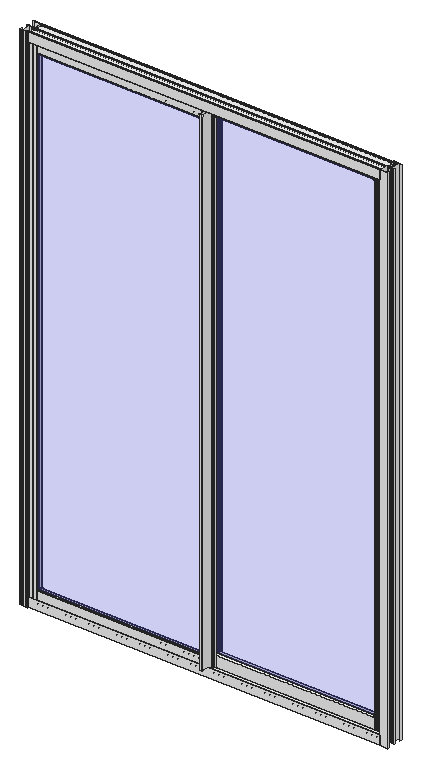
Revit family "700_XO_Custom", category Doors, host Wall, Revit 2014
Parameters (values of type "XO_Custom")
  Windload Design [instance] = if(Custom Windload < 1001 mm, 1000 mm, if(Custom Windload < 1501 mm, 1500 mm, 2000 mm))  # 1000 mm
  Width Sash Right [instance] = 738.9 mm
  Width Sash Left [instance] = 738.9 mm
  Width [instance] = if(Custom Door Width < Limit Door Width Min, Limit Door Width Min, if(Custom Door Width > Limit Door Width Max, Limit Door Width Max, Custom Door Width))  # 1490 mm
  Wall Thickness [instance] = 200 mm
  URL = "http://www.crealco.co.za/crealco-products.php"
  Thermal Resistance (R) [instance] = if(and(Custom U Value > 0.5678, 1 / Custom U Value < 36.9087), Custom U Value, if(not(Custom U Value > 0.5678), 1 / 0.5679, 1 / 36.9086)) * 1.0000 (m²·K)/W  # 1.76087 (m²·K)/W
  Standard Interlocker [instance] = not(Heavy Duty Interlocker)  # yes
  Solar Heat Gain Coefficient [instance] = if(and(not(Custom SHGC Value < 0), not(Custom SHGC Value > 1)), Custom SHGC Value, if(Custom U Value < 0, 0, 1))  # 0
  Sash Width Right [instance] = (Width - (2 mm * 20.7) - Sash Width Left) + 29.2 mm  # 738.9 mm
  Sash Width Left [instance] = if(Equal Sash Width, ((Width - (2 mm * 20.7)) / 2) + 14.6 mm, if(Custom Sash Width Left < Limit Sash Width Left Min, Limit Sash Width Left Min, if(Custom Sash Width Left > Limit Sash Width Left Max, Limit Sash Width Left Max, Custom Sash Width Left)))  # 738.9 mm
  Sash Height [instance] = Height - 22.2 mm - 20 mm  # 2047.8 mm
  Sash Frame Top Gap = 16 mm  # constant formula
  Sash Frame Side Gap = 10 mm  # constant formula
  Sash Frame Seal = 1.8 mm  # constant formula
  Rough Width = 2.5 mm
  Overall Width [instance] = 1490 mm
  Overall Height [instance] = 2090 mm
  Model = "Series 700"  # constant formula
  Max Pane Area [instance] = if(Area Right Sash Glazing > Area Left Sash Glazing, Area Right Sash Glazing, Area Left Sash Glazing)  # 1.35316 m²
  Manufacturer = "Crealco"  # constant formula
  Limit Door Width Min = (2 * Limit Sash Width Min) + (2 mm * 20.7) - 29.2 mm  # 612.2 mm
  Limit Door Width Max [instance] = if(Windload Design = 1000 mm, 2990 mm, if(Windload Design = 1500 mm, 2990 mm, 1790 mm))  # 2990 mm
  Limit Door Height Min = Limit Sash Height Min + (22.2 mm + 20 mm)  # 342.2 mm
  Limit Door Height Max = Limit Sash Height Max + (22.2 mm + 20 mm)  # 2142.2 mm
  Limit Sash Width Min = 300 mm  # constant formula
  Limit Sash Width Max = 1500 mm  # constant formula
  Limit Sash Width Left Min [instance] = if(Width - (2 mm * 20.7) - Limit Sash Width Max + 29.2 mm < Limit Sash Width Min, Limit Sash Width Min, Width - (2 mm * 20.7) - Limit Sash Width Max + 29.2 mm)  # 300 mm
  Limit Sash Width Left Max [instance] = if(Width - (2 mm * 20.7) - Limit Sash Width Min + 29.2 mm > Limit Sash Width Max, Limit Sash Width Max, Width - (2 mm * 20.7) - Limit Sash Width Min + 29.2 mm)  # 1177.8 mm
  Limit Sash Height Min = 300 mm  # constant formula
  Limit Sash Height Max = 2100 mm  # constant formula
  Interlock Configuration [instance] = if(Windload Design = 1000 mm, if(not(Width > 1990 mm), 2 mm, 3 mm), if(Windload Design = 1500 mm, 3 mm, 3 mm))  # 2 mm
  IGDB or SAGDB Number [instance] = 0
  Height Sash [instance] = 2047.8 mm
  Height [instance] = if(Custom Door Height < Limit Door Height Min, Limit Door Height Min, if(Custom Door Height > Limit Door Height Max, Limit Door Height Max, Custom Door Height))  # 2090 mm
  Heavy Duty Interlocker [instance] = if(Interlock Configuration = 1 mm, 1 = 1, 1 = 0)  # no
  Heat Transfer Coefficient (U) [instance] = if(and(Custom U Value > 0.5678, Custom U Value < 36.9087), Custom U Value, if(not(Custom U Value > 0.5678), 0.5679, 36.9086)) * 1.0000 W/(m²·K)  # 0.5679 W/(m²·K)
  Glazing Thickness [instance] = if(IGDB or SAGDB Number = 100100, 6 mm, if(IGDB or SAGDB Number = 103200, 7 mm, if(IGDB or SAGDB Number = 1000016, 5 mm, if(not(Max Pane Area > 0.75 m²), 4 mm, if(not(Max Pane Area > 1.50 m²), 4 mm, if(not(Max Pane Area > 2.10 m²), 5 mm, if(not(Max Pane Area > 2.90 m²), 6.4 mm, if(not(Max Pane Area > 4.30 m²), 8 mm, 10 mm))))))))  # 4 mm
  Glazing Material [instance] = if(IGDB or SAGDB Number = 100100, "PFG INTRUDERPRUFE 6.38mm", if(IGDB or SAGDB Number = 103200, "PFG INTRUDERPRUFE LOW-E 7.38mm", if(IGDB or SAGDB Number = 1000016, "PFG TOUGHENED SAFETY GLASS 5mm", "Unknown")))  # "Unknown"
  Glazing Finish [instance] = Glass
  Glazing Code [instance] = if(IGDB or SAGDB Number = 100100, "LAM01", if(IGDB or SAGDB Number = 103200, "LAM01E", if(IGDB or SAGDB Number = 1000016, "TSG5", "Unknown")))  # "Unknown"
  Frame Thickness = 71.9 mm  # constant formula
  Frame Offset From Exterior [instance] = if(Centered In Wall, (Wall Thickness - Frame Thickness) / 2, Custom Frame Offset From Exterior)  # 64.05 mm
  Equal Sash Width [instance] = yes
  Description = "Sliding door, XO custom"  # constant formula
  Default Sill Height = 0 mm  # constant formula
  Wall Closure = By host
  Custom U Value [instance] = 0
  Custom SHGC Value [instance] = 0
  Custom Door Width [instance] = 1490 mm
  Custom Door Height [instance] = 2090 mm
  Custom Windload [instance] = 1000 mm
  Custom Sash Width Left [instance] = 600 mm
  Custom Frame Offset From Exterior [instance] = 0 mm
  Centered In Wall [instance] = yes
  Area Right Sash Glazing [instance] = (Sash Width Right - 31.2 mm - 19 mm) * (Sash Height - (41.5 mm * 2))  # 1.35316 m²
  Area Left Sash Glazing [instance] = (Sash Width Left - 52.3 mm - 19 mm) * (Sash Height - (41.5 mm * 2))  # 1.3117 m²
  Aluminium Finish [instance] = White Powder Coated Aluminium ANP 1052
  All Available Glazing Numbers [instance] = "The rows below list the available glazing materials for this window:"  # constant formula
  103200 [instance] = "LAM01E"  # constant formula
  100100 [instance] = "LAM01"  # constant formula
  1000016 [instance] = "TSG5"  # constant formula
Reference planes
  plane 1 "Center (Front/Back)": y = 0
  plane 2 "Center (Left/Right)": x = 0
  plane 3 "Left": x = -745
  plane 4 "Right": x = 745
  plane 5 "Sill": z = 0
  plane 6 "Head": z = 2090
  plane 7 "Exterior": y = 100
  plane 8 "Interior": y = -100
Lines and regions (mm)
  Opening 1
    outline origin (3500, -100, 0) x (1, 0, 0) y (0, 0, 1)
      loop
        line (-2755, 0) -> (-2755, 2090) -> (-4245, 2090) -> (-4245, 0) -> (-2755, 0)
Text (mm)
  text "EXTERIOR" at (-1963.203, 1332.353, 0), in view "Ref. Level"
  text "INTERIOR" at (-1981.466, -818.386, 0), in view "Ref. Level"
  text "Exterior" at (0, 923.751, 2943.296), in view "Right"
  text "Exterior" at (0, 1040.484, 2685.409), in view "Left"
Dimensions and locks
  equal spacing: plane 3 "Left", plane 2 "Center (Left/Right)", plane 4 "Right"
  "Width": plane 3 "Left" to plane 4 "Right"
  "Height": plane 5 "Sill" to plane 6 "Head"
  "Default Sill Height": plane 5 "Sill" to level
  locked: plane 7 "Exterior" to host wall at 0
  locked: plane 8 "Interior" to host wall
  "Overall Height": plane 6 "Head" to plane 5 "Sill"
  "Overall Width": plane 3 "Left" to plane 4 "Right"
  "Frame Offset From Exterior": nested 1 to plane 7 "Exterior"
  "Sash Frame Seal": nested 2 to nested 1
  "Sash Frame Side Gap": nested 1 to nested 2
  "Sash Frame Top Gap": nested 2 to nested 1
  "Sash Frame Side Gap": nested 3 to nested 1
  "Sash Frame Seal": nested 3 to nested 1
  "Sash Frame Top Gap": nested 3 to nested 1
  "Height Sash": nested 3 to nested 3
  "Width Sash Left": nested 3 to nested 3
  "Width Sash Right": nested 2 to nested 2
  "Wall Thickness": host wall to host wall
  aligned and locked: nested 1 to plane 6 "Head"
  aligned and locked: nested 1 to plane 4 "Right"
Automatic sketch dimensions
  plane 3 "Left" to Opening 1 sketch curve = 0 mm
  plane 4 "Right" to Opening 1 sketch curve = 0 mm
  Opening 1 sketch curve to plane 5 "Sill" = 0 mm
  Opening 1 sketch curve to plane 6 "Head" = 0 mm
Nested families
  nested 1: "700_Frame_XO_XO_Cust" at (898.674, -136.905, -20) x (-1, 0, 0) z (0, 0, 1), Width <- "Width", Height <- "Height", Profile Material <- "Aluminium Finish", type "700_Frame_XO_XO_Cust"
    with Width 1490 mm, Profile Material White Powder Coated Aluminium ANP 1052, Length Jamb 2090 mm, Length Head & Sill 1428 mm, Height 2090 mm
  nested 2: "700_Sash_XO_Fixed_XO_Cust" at (-724.3, -29.7, 20.046) x (-1, 0, 0) z (0, 0, 1), Profile Material <- "Aluminium Finish", Glazing Material <- "Glazing Finish", Glazing Thickness <- "Glazing Thickness", Sash Width <- "Sash Width Right", Sash Height <- "Sash Height", Interlock Configuration <- "Interlock Configuration", type "700_Sash_XO_Fixed_XO_Cust"
    with Sash Width 738.9 mm, Sash Height 2047.8 mm, Right Sliding no, Profile Material White Powder Coated Aluminium ANP 1052, Length Sash Head & Sill 670.1 mm, Length Arrow Tip 64.475 mm, Length Arrow 212.767 mm, Left Sliding no, Is Sliding no, Is Heavy Duty Interlock yes, Is Extra Heavy Duty Interlock no, Interlock Configuration 2 mm, Glazing Width 688.7 mm, Glazing Thickness 4 mm, Glazing Start -2 mm, Glazing Material Glass, Glazing Height 1964.8 mm, Glazing End 2 mm, Extra Heavy Duty Interlock Side Gap 710.9 mm, Arrow Tip Length 64.475 mm, Arrow Left Gap 263.067 mm, Arrow Bottom Gap 1023.9 mm
  nested 3: "700_Sash_XO_Sliding_XO_Cust" at (724.3, 29.6, 20.046), Sash Width <- "Sash Width Left", Glazing Thickness <- "Glazing Thickness", Sash Height <- "Sash Height", Profile Material <- "Aluminium Finish", Glazing Material <- "Glazing Finish", Interlock Configuration <- "Interlock Configuration", type "700_Sash_XO_Sliding_XO_Cust"
    with Sash Width 738.9 mm, Sash Height 2047.8 mm, Right Sliding yes, Profile Material White Powder Coated Aluminium ANP 1052, Length Sash Head & Sill 650.6 mm, Length Arrow Tip 64.475 mm, Length Arrow 212.767 mm, Left Sliding no, Is Sliding yes, Is Heavy Duty Interlock yes, Is Extra Heavy Duty Interlock no, Interlock Configuration 2 mm, Glazing Width 667.6 mm, Glazing Thickness 4 mm, Glazing Start -2 mm, Glazing Material Glass, Glazing Height 1964.8 mm, Glazing End 2 mm, Extra Heavy Duty Interlock Side Gap 710.9 mm, Arrow Tip Length 64.475 mm, Arrow Left Gap 263.067 mm, Arrow Bottom Gap 1023.9 mm
Definition of nested family "700_Frame_XO_XO_Cust"
  Parameters (values of type "700_Frame_XO")
    Width [instance] = 900 mm
    Profile Material [instance] = none
    Length Jamb [instance] = Height  # 600 mm
    Length Head & Sill [instance] = Width - 2 * 31 mm  # 838 mm
    Height [instance] = 600 mm
  Reference planes
    plane 1 "Center (Front/Back)": y = 0
    plane 2: z = 0
    plane 3 "Center (Left/Right)": x = 0
  Dimensions and locks
    aligned and locked: level to plane 2
    aligned and locked: nested 1 to nested 3  (x2)
    aligned and locked: nested 2 to nested 1  (x2)
    aligned and locked: nested 4 to nested 3  (x3)
    aligned and locked: nested 3 to nested 1
    aligned and locked: nested 1 to nested 2
  Nested families
    nested 1: "700_Frame_Sill" at (184.674, -177.548, 14.879), Length Frame Sill <- "Length Head & Sill", Profile Material <- "Profile Material", type "700_Frame_Sill"
      with Profile Material none, Length Frame Sill 838 mm
    nested 2: "700_Reversible_Frame_Jamb" at (1016.198, -178.809, 20), Length Reversible Frame Jamb <- "Length Jamb", Profile Material <- "Profile Material", type "700_Reversible_Frame_Jamb"
      with Profile Material none, Length Reversible Frame Jamb 600 mm
    nested 3: "700_Reversible_Frame_Jamb" at (191.151, -95, 20) x (-1, 0, 0) z (0, 0, 1), Length Reversible Frame Jamb <- "Length Jamb", Profile Material <- "Profile Material", type "700_Reversible_Frame_Jamb"
      with Profile Material none, Length Reversible Frame Jamb 600 mm
    nested 4: "700_Frame_Head" at (184.674, -197.457, 559.794), Length Frame Head <- "Length Head & Sill", Profile Material <- "Profile Material", type "700_Frame_Head"
      with Profile Material none, Length Frame Head 838 mm
  Definition of nested family "700_Frame_Sill"
    Parameters (values of type "700_Frame_Sill")
      Profile Material [instance] = none
      Length Frame Sill [instance] = 250 mm
    Reference planes
      plane 1 "Center (Front/Back)": y = 0
      plane 2: z = 0
      plane 3 "Center (Left/Right)": x = 0
    Forms (mm)
      Extrusion 1, solid, material <- "Profile Material"
        sketch origin (0, 0, 0) x (0, 1, 0) y (0, 0, 1)
          loop
            line (10.093, 16.234) -> (40.143, 17.595) -> (40.143, 6.521) -> (39.103, 6.521) -> (39.103, 5.121) -> (42.483, 5.121) -> (42.483, 6.521) -> (41.443, 6.521) -> (41.443, 17.654) -> (74.493, 19.151) -> (74.493, 6.521) -> (69.193, 6.521) -> (69.193, 5.121) -> (75.793, 5.121) -> (75.793, 41.121) -> (72.193, 41.121) -> (72.193, 38.671) -> (73.193, 38.671) -> (73.193, 39.571) -> (74.393, 39.571) -> (74.393, 32.671) -> (73.193, 32.671) -> (73.193, 33.571) -> (72.193, 33.571) -> (72.193, 31.121) -> (74.393, 31.121) -> (74.393, 20.348) -> (58.843, 19.644) -> (58.843, 21.621) -> (60.943, 21.621)
            arc (60.943, 21.621) -> (57.943, 24.621) -> (54.943, 21.621) r 3
            line (54.943, 21.621) -> (57.043, 21.621) -> (57.043, 19.562) -> (24.543, 18.09) -> (24.543, 21.621) -> (26.643, 21.621)
            arc (26.643, 21.621) -> (23.643, 24.621) -> (20.643, 21.621) r 3
            line (20.643, 21.621) -> (22.743, 21.621) -> (22.743, 18.008) -> (7.702, 17.327)
            arc (7.702, 17.327) -> (6.44, 16.802) -> (5.81, 15.588) r 2
            line (5.81, 15.588) -> (7.111, 15.588)
            arc (7.111, 15.588) -> (7.346, 15.967) -> (7.761, 16.128) r 0.7
            line (7.761, 16.128) -> (8.793, 16.175) -> (8.793, 5.121) -> (12.393, 5.121) -> (12.393, 6.521) -> (10.093, 6.521) -> (10.093, 16.234)
        from 0 to 250 <- "Length Frame Sill"
    Dimensions and locks
      aligned and locked: level to plane 2
  Definition of nested family "700_Reversible_Frame_Jamb"
    Parameters (values of type "700_Reversible_Frame_Jamb")
      Profile Material [instance] = none
      Length Reversible Frame Jamb [instance] = 250 mm
    Reference planes
      plane 1 "Center (Front/Back)": y = 0
      plane 2: z = 0
      plane 3 "Center (Left/Right)": x = 0
    Forms (mm)
      Extrusion 1, solid, material <- "Profile Material"
        sketch origin (0, 0, 0) x (1, 0, 0) y (0, 1, 0)
          loop
            line (36.076, 13.705) -> (36.076, 7.355) -> (7.676, 7.355) -> (7.676, 41.205) -> (15.976, 41.205)
            arc (15.976, 41.205) -> (16.33, 41.351) -> (16.476, 41.705) r 0.5
            line (16.476, 41.705) -> (16.476, 43.405) -> (26.776, 43.405) -> (26.776, 41.205) -> (36.076, 41.205) -> (36.076, 40.215) -> (37.476, 40.215) -> (37.476, 43.595) -> (36.076, 43.595) -> (36.076, 42.605) -> (27.976, 42.605) -> (27.976, 76.455) -> (36.076, 76.455) -> (36.076, 70.105) -> (37.476, 70.105) -> (37.476, 77.855) -> (5.659, 77.855) -> (5.659, 77.055) -> (6.476, 77.055) -> (6.476, 74.305)
            arc (6.476, 74.305) -> (6.769, 73.598) -> (7.476, 73.305) r 1
            line (7.476, 73.305) -> (8.926, 73.305) -> (8.926, 74.305) -> (8.026, 74.305) -> (8.026, 75.505) -> (9.226, 75.505) -> (9.226, 76.355) -> (13.726, 76.355) -> (13.726, 75.505) -> (14.926, 75.505) -> (14.926, 74.305) -> (14.026, 74.305) -> (14.026, 73.305) -> (16.476, 73.305) -> (16.476, 76.455) -> (26.776, 76.455) -> (26.776, 44.805) -> (14.026, 44.805) -> (14.026, 43.805) -> (14.926, 43.805) -> (14.926, 42.605) -> (8.026, 42.605) -> (8.026, 43.805) -> (8.926, 43.805) -> (8.926, 44.805) -> (7.476, 44.805)
            arc (7.476, 44.805) -> (6.769, 44.512) -> (6.476, 43.805) r 1
            line (6.476, 43.805) -> (6.476, 6.755) -> (5.656, 6.755) -> (5.656, 5.955) -> (37.476, 5.955) -> (37.476, 13.705) -> (36.076, 13.705)
        from 0 to 250 <- "Length Reversible Frame Jamb"
    Dimensions and locks
      aligned and locked: level to plane 2
  Definition of nested family "700_Frame_Head"
    Parameters (values of type "700_Frame_Head")
      Profile Material [instance] = none
      Length Frame Head [instance] = 250 mm
    Reference planes
      plane 1 "Center (Front/Back)": y = 0
      plane 2: z = 0
      plane 3 "Center (Left/Right)": x = 0
    Forms (mm)
      Extrusion 1, solid, material <- "Profile Material"
        sketch origin (0, 0, 0) x (0, 1, 0) y (0, 0, 1)
          loop
            line (60.002, 52.553) -> (60.002, 33.726) -> (57.802, 33.726) -> (57.802, 31.276) -> (58.802, 31.276) -> (58.802, 32.176) -> (60.002, 32.176) -> (60.002, 25.276) -> (58.802, 25.276) -> (58.802, 26.176) -> (57.802, 26.176) -> (57.802, 23.726) -> (63.602, 23.726) -> (63.602, 26.176) -> (62.602, 26.176) -> (62.602, 25.276) -> (61.402, 25.276) -> (61.402, 32.176) -> (62.602, 32.176) -> (62.602, 31.276) -> (63.602, 31.276) -> (63.602, 33.726) -> (61.402, 33.726) -> (61.402, 52.553)
            arc (61.402, 52.553) -> (61.842, 53.613) -> (62.902, 54.053) r 1.5
            line (62.902, 54.053) -> (92.802, 54.053)
            arc (92.802, 54.053) -> (93.863, 53.613) -> (94.302, 52.553) r 1.5
            line (94.302, 52.553) -> (94.302, 33.726) -> (92.102, 33.726) -> (92.102, 31.276) -> (93.102, 31.276) -> (93.102, 32.176) -> (94.302, 32.176) -> (94.302, 25.276) -> (93.102, 25.276) -> (93.102, 26.176) -> (92.102, 26.176) -> (92.102, 23.726) -> (95.702, 23.726) -> (95.702, 60.206) -> (88.902, 60.206) -> (88.902, 58.806) -> (94.302, 58.806) -> (94.302, 55.453) -> (61.402, 55.453) -> (61.402, 58.806) -> (62.392, 58.806) -> (62.392, 60.206) -> (59.012, 60.206) -> (59.012, 58.806) -> (60.002, 58.806) -> (60.002, 55.453) -> (27.102, 55.453) -> (27.102, 58.806) -> (32.502, 58.806) -> (32.502, 60.206) -> (25.702, 60.206) -> (25.702, 23.726) -> (29.302, 23.726) -> (29.302, 26.176) -> (28.302, 26.176) -> (28.302, 25.276) -> (27.102, 25.276) -> (27.102, 32.176) -> (28.302, 32.176) -> (28.302, 31.276) -> (29.302, 31.276) -> (29.302, 33.726) -> (27.102, 33.726) -> (27.102, 52.553)
            arc (27.102, 52.553) -> (27.542, 53.613) -> (28.602, 54.053) r 1.5
            line (28.602, 54.053) -> (58.502, 54.053)
            arc (58.502, 54.053) -> (59.563, 53.613) -> (60.002, 52.553) r 1.5
        from 0 to 250 <- "Length Frame Head"
    Dimensions and locks
      aligned and locked: level to plane 2
Definition of nested family "700_Sash_XO_Fixed_XO_Cust"
  Parameters (values of type "700_Sash_XO_Fixed")
    Is Heavy Duty Interlock [instance] = if(Interlock Configuration = 2 mm, 1 = 1, 1 = 0)  # yes
    Is Extra Heavy Duty Interlock [instance] = if(Interlock Configuration = 3 mm, 1 = 1, 1 = 0)  # no
    Interlock Configuration [instance] = 2 mm
    Head & Sill Front Back Gap = 0.9 mm  # constant formula
    Sash Width [instance] = 600 mm
    Sash Height [instance] = 600 mm
    Right Sliding [instance] = yes
    Profile Material [instance] = White Powder Coated Aluminium ANP 1052
    Middle of Glazing = 25 mm / 2  # 12.5 mm
    Length Sash Head & Sill [instance] = Sash Width - 28 mm - 40.8 mm  # 531.2 mm
    Length Arrow Tip [instance] = Length Arrow / 3.3  # 50.444 mm
    Length Arrow [instance] = (Sash Width - (2 * 50.3 mm)) / 3  # 166.467 mm
    Left Sliding [instance] = yes
    Is Sliding [instance] = if(or(Right Sliding, Left Sliding), 1 = 1, 1 = 2)  # yes
    Head & Sill Side Gap = 40.8 mm  # constant formula
    Glazing Width [instance] = Sash Width - 31.2 mm - 19 mm  # 549.8 mm
    Glazing Thickness [instance] = 6.4 mm
    Glazing Start [instance] = -Glazing Thickness / 2  # -3.2 mm
    Glazing Material [instance] = Glass
    Glazing Height [instance] = Sash Height - (2 mm * 41.5)  # 517 mm
    Glazing End [instance] = Glazing Thickness / 2  # 3.2 mm
    Glazing Edge Jamb Gap = 31.2 mm  # constant formula
    Glazing Edge Bottom and Top Gap = 41.5 mm  # constant formula
    Extra Heavy Duty Interlock Side Gap [instance] = Sash Width - 28 mm  # 572 mm
    Arrow Tip Length [instance] = if((Sash Height - (2 * 50.3 mm)) / 8 > Length Arrow / 3.3, Length Arrow / 3.3, (Sash Height - (2 * 50.3 mm)) / 8)  # 50.444 mm
    Arrow Tip Angle = 45.00°  # constant formula
    Arrow Left Gap [instance] = (Sash Width - Length Arrow) / 2  # 216.767 mm
    Arrow Bottom Gap [instance] = Sash Height / 2  # 300 mm
  Reference planes
    plane 1 "Center (Front/Back)": y = 0
    plane 2: z = 0
    plane 3 "Center (Left/Right)": x = 0
    plane 4: y = -12.5
  Forms (mm)
    Extrusion 1, solid, material "Glass" <- "Glazing Material"
      sketch origin (-1127.187, -12.5, 1197.5) x (-1, 0, 0) y (0, 0, 1)
        loop
          line (-546.187, -639) -> (-1095.987, -639) -> (-1095.987, -1156) -> (-546.187, -1156) -> (-546.187, -639)
      from -3.2 <- "Glazing Start" to 3.2 <- "Glazing End"
  Lines and regions (mm)
    model lines, visible <- "Is Sliding"
      curve 1: line (-383.233, -15.7, 300) -> (-216.767, -15.7, 300)
    model lines, visible <- "Left Sliding"
      curve 2: line (-216.767, -15.7, 300) -> (-252.436, -15.7, 335.67)
      curve 3: line (-216.767, -15.7, 300) -> (-252.436, -15.7, 264.33)
    model lines, visible <- "Right Sliding"
      curve 4: line (-383.233, -15.7, 300) -> (-347.564, -15.7, 335.67)
      curve 5: line (-383.233, -15.7, 300) -> (-347.564, -15.7, 264.33)
  Dimensions and locks
    "Length Arrow": curve 1 to curve 1
    "Arrow Left Gap": plane 3 "Center (Left/Right)" to curve 1
    "Arrow Bottom Gap": level to curve 1
    "Arrow Tip Length": curve 3 to curve 2
    "Arrow Tip Length": curve 3 to curve 3
    "Length Arrow Tip": curve 5 to curve 5
    "Length Arrow Tip": curve 5 to curve 4
    "Middle of Glazing": plane 4 to plane 1 "Center (Front/Back)"
    "Sash Height": nested 2 to plane 2
    "Head & Sill Side Gap": plane 3 "Center (Left/Right)" to nested 2
    "Head & Sill Side Gap": plane 3 "Center (Left/Right)" to nested 3
    "Sash Width": nested 4 to plane 3 "Center (Left/Right)"
    "Head & Sill Front Back Gap": nested 3 to plane 1 "Center (Front/Back)"
    "Head & Sill Front Back Gap": nested 2 to plane 1 "Center (Front/Back)"
    "Glazing Edge Jamb Gap": Extrusion 1 to plane 3 "Center (Left/Right)"
    "Glazing Width": Extrusion 1 to Extrusion 1
    "Glazing Height": Extrusion 1 to Extrusion 1
    "Glazing Edge Bottom and Top Gap": Extrusion 1 to plane 2
    "Extra Heavy Duty Interlock Side Gap": nested 5 to plane 3 "Center (Left/Right)"
    "Arrow Tip Angle": angle curve 3 to curve 1
    "Arrow Tip Angle": angle curve 1 to curve 2
    "Arrow Tip Angle": angle curve 4 to curve 1
    "Arrow Tip Angle": angle curve 1 to curve 5
    aligned and locked: level to plane 2
    aligned and locked: plane 1 "Center (Front/Back)" to nested 4
    aligned and locked: nested 1 to plane 2
    aligned and locked: plane 3 "Center (Left/Right)" to nested 1
    aligned and locked: nested 3 to level
    aligned and locked: nested 1 to plane 1 "Center (Front/Back)"
    aligned and locked: plane 2 to nested 4
    aligned and locked: plane 1 "Center (Front/Back)" to nested 5
    aligned and locked: plane 2 to nested 5
  Automatic sketch dimensions
    Extrusion 1 sketch curve to plane 3 "Center (Left/Right)" = 31.2 mm
    level to Extrusion 1 sketch curve = 41.5 mm
    Extrusion 1 sketch curve to Extrusion 1 sketch curve = 549.8 mm
    Extrusion 1 sketch curve to Extrusion 1 sketch curve = 517 mm
  Nested families
    nested 1: "700_Fixed_Stile" at (3.94, -31.021, 0) x (0, 1, 0) z (0, 0, 1), Profile Material <- "Profile Material", Length Fixed Stile <- "Sash Height", type "700_Fixed_Stile"
      with Profile Material White Powder Coated Aluminium ANP 1052, Length Fixed Stile 600 mm
    nested 2: "700_Sash_Head_Rail" at (-572, -30.849, 492.975), Profile Material <- "Profile Material", Length Sash Head & Sill Rail <- "Length Sash Head & Sill", type "700_Sash_Head_Rail"
      with Profile Material White Powder Coated Aluminium ANP 1052, Length Sash Head & Sill Rail 531.2 mm
    nested 3: "700_Sash_Sill_Rail" at (-572, -30.849, -7.025), Profile Material <- "Profile Material", Length Sash Head & Sill Rail <- "Length Sash Head & Sill", type "700_Sash_Sill_Rail"
      with Profile Material White Powder Coated Aluminium ANP 1052, Length Sash Head & Sill Rail 531.2 mm
    nested 4: "700_Heavy_Duty_Interlock" at (-604.214, -36.241, 0) x (0, 1, 0) z (0, 0, 1), Profile Material <- "Profile Material", Length Heavu Duty Interlocker <- "Sash Height", visible <- "Is Heavy Duty Interlock", type "700_Heavy_Duty_Interlock"
      with Profile Material White Powder Coated Aluminium ANP 1052, Length Heavu Duty Interlocker 600 mm
    nested 5: "700_Extra_Heavy_Duty_Interlock" at (-566.986, -36.132, 0) x (-1, 0, 0) z (0, 0, 1), Profile Material <- "Profile Material", Length Extra Heavy Duty Interlock <- "Sash Height", visible <- "Is Extra Heavy Duty Interlock", type "700_Extra_Heavy_Duty_Interlock"
      with Profile Material White Powder Coated Aluminium ANP 1052, Length Extra Heavy Duty Interlock 600 mm
  Definition of nested family "700_Fixed_Stile"
    Parameters (values of type "700_Fixed_Stile")
      Profile Material [instance] = none
      Length Fixed Stile [instance] = 250 mm
    Reference planes
      plane 1 "Center (Front/Back)": y = 0
      plane 2: z = 0
      plane 3 "Center (Left/Right)": x = 0
    Forms (mm)
      Extrusion 1, solid, material <- "Profile Material"
        sketch origin (0, 0, 0) x (1, 0, 0) y (0, 1, 0)
          loop
            line (11.229, 43.34) -> (12.338, 39.2)
            arc (12.338, 39.2) -> (12.994, 38.744) -> (13.521, 39.345) r 0.6
            line (13.521, 39.345) -> (13.521, 44.74) -> (6.821, 44.74) -> (6.821, 45.54) -> (6.021, 45.54) -> (6.021, 3.94) -> (7.421, 3.94) -> (7.421, 28.74) -> (29.621, 28.74) -> (29.621, 3.94) -> (31.021, 3.94) -> (31.021, 45.54) -> (30.221, 45.54) -> (30.221, 44.74) -> (23.521, 44.74) -> (23.521, 39.345)
            arc (23.521, 39.345) -> (24.049, 38.744) -> (24.705, 39.2) r 0.6
            line (24.705, 39.2) -> (25.814, 43.34) -> (29.621, 43.34) -> (29.621, 30.14) -> (7.421, 30.14) -> (7.421, 43.34) -> (11.229, 43.34)
        from 0 to 250 <- "Length Fixed Stile"
    Dimensions and locks
      aligned and locked: level to plane 2
  Definition of nested family "700_Sash_Head_Rail"
    Parameters (values of type "700_Sash_Head_Rail")
      Profile Material [instance] = none
      Length Sash Head & Sill Rail [instance] = 250 mm
    Reference planes
      plane 1 "Center (Front/Back)": y = 0
      plane 2: z = 0
      plane 3 "Center (Left/Right)": x = 0
    Forms (mm)
      Extrusion 1, solid, material <- "Profile Material"
        sketch origin (0, 0, 0) x (0, 1, 0) y (0, 0, 1)
          loop
            line (24.799, 62.725) -> (23.399, 62.725) -> (23.399, 57.025) -> (26.819, 57.025)
            arc (26.819, 57.025) -> (27.319, 57.159) -> (27.685, 57.525) r 1
            line (27.685, 57.525) -> (29.949, 61.447) -> (29.949, 107.025) -> (28.549, 107.025) -> (28.549, 71.925) -> (8.249, 71.925) -> (8.249, 107.025) -> (6.849, 107.025) -> (6.849, 61.447) -> (9.114, 57.525)
            arc (9.114, 57.525) -> (9.48, 57.159) -> (9.98, 57.025) r 1
            line (9.98, 57.025) -> (13.399, 57.025) -> (13.399, 62.725) -> (11.999, 62.725) -> (11.999, 58.425) -> (10.209, 58.425) -> (8.249, 61.903) -> (8.249, 70.525) -> (28.549, 70.525) -> (28.509, 61.753) -> (26.588, 58.425) -> (24.799, 58.425) -> (24.799, 62.725)
        from 0 to 250 <- "Length Sash Head & Sill Rail"
    Dimensions and locks
      aligned and locked: level to plane 2
  Definition of nested family "700_Sash_Sill_Rail"
    Parameters (values of type "700_Sash_Sill_Rail")
      Profile Material [instance] = none
      Length Sash Head & Sill Rail [instance] = 250 mm
    Reference planes
      plane 1 "Center (Front/Back)": y = 0
      plane 2: z = 0
      plane 3 "Center (Left/Right)": x = 0
    Forms (mm)
      Extrusion 1, solid, material <- "Profile Material"
        sketch origin (0, 0, 0) x (0, 1, 0) y (0, 0, 1)
          loop
            line (24.799, 51.325) -> (24.799, 55.625) -> (26.588, 55.625) -> (28.509, 52.298) -> (28.549, 43.525) -> (8.249, 43.525) -> (8.249, 52.148) -> (10.209, 55.625) -> (11.999, 55.625) -> (11.999, 51.325) -> (13.399, 51.325) -> (13.399, 57.025) -> (9.98, 57.025)
            arc (9.98, 57.025) -> (9.48, 56.891) -> (9.114, 56.525) r 1
            line (9.114, 56.525) -> (6.849, 52.603) -> (6.849, 7.025) -> (8.249, 7.025) -> (8.249, 42.125) -> (28.549, 42.125) -> (28.549, 7.025) -> (29.949, 7.025) -> (29.949, 52.603) -> (27.685, 56.525)
            arc (27.685, 56.525) -> (27.319, 56.891) -> (26.819, 57.025) r 1
            line (26.819, 57.025) -> (23.399, 57.025) -> (23.399, 51.325) -> (24.799, 51.325)
        from 0 to 250 <- "Length Sash Head & Sill Rail"
    Dimensions and locks
      aligned and locked: level to plane 2
  Definition of nested family "700_Heavy_Duty_Interlock"
    Parameters (values of type "700_Heavy_Duty_Interlock")
      Profile Material [instance] = none
      Length Heavu Duty Interlocker [instance] = 250 mm
    Reference planes
      plane 1 "Center (Front/Back)": y = 0
      plane 2: z = 0
      plane 3 "Center (Left/Right)": x = 0
    Forms (mm)
      Extrusion 1, solid, material <- "Profile Material"
        sketch origin (0, 0, 0) x (1, 0, 0) y (0, 1, 0)
          loop
            line (13.041, 13.614) -> (13.041, 7.114)
            arc (13.041, 7.114) -> (13.481, 6.054) -> (14.541, 5.614) r 1.5
            line (14.541, 5.614) -> (62.241, 5.614) -> (62.241, 16.814) -> (14.841, 16.814) -> (14.841, 13.614) -> (13.041, 13.614)
          loop
            line (14.241, 4.214) -> (63.241, 4.214)
            arc (63.241, 4.214) -> (65.363, 5.093) -> (66.241, 7.214) r 3
            line (66.241, 7.214) -> (66.241, 15.214)
            arc (66.241, 15.214) -> (65.363, 17.336) -> (63.241, 18.214) r 3
            line (63.241, 18.214) -> (36.241, 18.214) -> (36.241, 33.314) -> (35.441, 33.314) -> (35.441, 32.214) -> (28.741, 32.214) -> (28.741, 26.823)
            arc (28.741, 26.823) -> (29.259, 26.22) -> (29.921, 26.659) r 0.6
            line (29.921, 26.659) -> (31.034, 30.814) -> (34.241, 30.814) -> (34.241, 18.214) -> (14.841, 18.214) -> (14.841, 23.914) -> (13.041, 23.914) -> (13.041, 30.814) -> (16.448, 30.814) -> (17.562, 26.659)
            arc (17.562, 26.659) -> (18.224, 26.22) -> (18.741, 26.823) r 0.6
            line (18.741, 26.823) -> (18.741, 32.214) -> (12.041, 32.214) -> (12.041, 33.314) -> (11.241, 33.314) -> (11.241, 21.014) -> (12.241, 21.014) -> (12.241, 22.214) -> (13.441, 22.214) -> (13.441, 15.314) -> (12.241, 15.314) -> (12.241, 16.514) -> (11.241, 16.514) -> (11.241, 11.764) -> (6.241, 11.764)
            arc (6.241, 11.764) -> (5.888, 11.911) -> (5.741, 12.264) r 0.5
            line (5.741, 12.264) -> (5.741, 15.764)
            arc (5.741, 15.764) -> (5.888, 16.118) -> (6.241, 16.264) r 0.5
            line (6.241, 16.264) -> (7.171, 16.264) -> (5.327, 23.885)
            arc (5.327, 23.885) -> (4.781, 24.26) -> (4.341, 23.765) r 0.5
            line (4.341, 23.765) -> (4.341, 11.864)
            arc (4.341, 11.864) -> (4.781, 10.804) -> (5.841, 10.364) r 1.5
            line (5.841, 10.364) -> (11.241, 10.364) -> (11.241, 7.214)
            arc (11.241, 7.214) -> (12.12, 5.093) -> (14.241, 4.214) r 3
        from 0 to 250 <- "Length Heavu Duty Interlocker"
      Extrusion 2, void
        sketch origin (63.241, 18.214, 0) x (1, 0, 0) y (0, 0, 1)
          loop
            line (-27, 250) -> (-27, 235.7) -> (8, 235.7) -> (8, 250) -> (-27, 250)
          loop
            line (-27, 0) -> (3, 0) -> (3, 16) -> (-27, 16) -> (-27, 0)
        from 0 to 250
    Cuts and joins
      Extrusion 2 cuts Extrusion 1
    Dimensions and locks
      locked: Extrusion 2 sketch curve to Extrusion 2 sketch curve at 14.3
      locked: Extrusion 2 sketch curve to Extrusion 2 sketch curve at 16
      aligned and locked: level to plane 2
      aligned and locked: Extrusion 1 to Extrusion 2 sketch curve
      aligned and locked: Extrusion 2 sketch curve to Extrusion 1
      aligned and locked: Extrusion 2 sketch curve to cut or joined group of Extrusion 1, Extrusion 2
      aligned and locked: cut or joined group of Extrusion 1, Extrusion 2 to Extrusion 2 sketch curve
  Definition of nested family "700_Extra_Heavy_Duty_Interlock"
    Parameters (values of type "700_Extra_Heavy_Duty_Interlock")
      Profile Material [instance] = none
      Length Extra Heavy Duty Interlock [instance] = 250 mm
    Reference planes
      plane 1 "Center (Front/Back)": y = 0
      plane 2: z = 0
      plane 3 "Center (Left/Right)": x = 0
    Forms (mm)
      Extrusion 1, solid, material <- "Profile Material"
        sketch origin (0, 0, 0) x (1, 0, 0) y (0, 1, 0)
          loop
            line (6.414, 16.339) -> (10.57, 17.452)
            arc (10.57, 17.452) -> (11.009, 18.114) -> (10.406, 18.631) r 0.6
            line (10.406, 18.631) -> (5.014, 18.631) -> (5.014, 11.932) -> (3.914, 11.932) -> (3.914, 11.132) -> (15.714, 11.132)
            arc (15.714, 11.132) -> (16.214, 11.632) -> (15.714, 12.132) r 0.5
            line (15.714, 12.132) -> (14.914, 12.132) -> (14.914, 13.332) -> (22.014, 13.332) -> (22.014, 12.132) -> (21.214, 12.132)
            arc (21.214, 12.132) -> (20.714, 11.632) -> (21.214, 11.132) r 0.5
            line (21.214, 11.132) -> (24.864, 11.132) -> (24.864, 9.98)
            arc (24.864, 9.98) -> (23.986, 7.858) -> (21.864, 6.98) r 3
            line (21.864, 6.98) -> (20.665, 6.98) -> (13.344, 5.217)
            arc (13.344, 5.217) -> (12.968, 4.671) -> (13.464, 4.232) r 0.5
            line (13.464, 4.232) -> (25.364, 4.232)
            arc (25.364, 4.232) -> (26.425, 4.671) -> (26.864, 5.732) r 1.5
            line (26.864, 5.732) -> (26.864, 11.132) -> (39.914, 11.132)
            arc (39.914, 11.132) -> (42.036, 12.01) -> (42.914, 14.132) r 3
            line (42.914, 14.132) -> (42.914, 63.132)
            arc (42.914, 63.132) -> (42.036, 65.253) -> (39.914, 66.132) r 3
            line (39.914, 66.132) -> (6.914, 66.132)
            arc (6.914, 66.132) -> (4.793, 65.253) -> (3.914, 63.132) r 3
            line (3.914, 63.132) -> (3.914, 35.332) -> (5.014, 35.332) -> (5.014, 28.632) -> (10.406, 28.632)
            arc (10.406, 28.632) -> (11.009, 29.149) -> (10.57, 29.811) r 0.6
            line (10.57, 29.811) -> (6.414, 30.924) -> (6.414, 34.132) -> (19.014, 34.132) -> (19.014, 14.732) -> (13.314, 14.732) -> (13.314, 12.932) -> (6.414, 12.932) -> (6.414, 16.339)
          loop
            line (37.914, 62.132) -> (8.914, 62.132)
            arc (8.914, 62.132) -> (6.793, 61.253) -> (5.914, 59.132) r 3
            line (5.914, 59.132) -> (5.914, 36.132) -> (40.914, 36.132) -> (40.914, 59.132)
            arc (40.914, 59.132) -> (40.036, 61.253) -> (37.914, 62.132) r 3
          loop
            line (23.415, 14.732) -> (37.914, 14.732)
            arc (37.914, 14.732) -> (40.036, 15.61) -> (40.914, 17.732) r 3
            line (40.914, 17.732) -> (40.914, 34.132) -> (20.415, 34.132) -> (20.415, 17.732)
            arc (20.415, 17.732) -> (21.294, 15.61) -> (23.415, 14.732) r 3
        from 0 to 250 <- "Length Extra Heavy Duty Interlock"
      Extrusion 2, void
        sketch origin (3.914, 63.132, 0) x (0, 1, 0) y (0, 0, 1)
          loop
            line (-27.8, 250) -> (-27.8, 235.7) -> (7.2, 235.7) -> (7.2, 250) -> (-27.8, 250)
          loop
            line (-27.8, 0) -> (4.737, 0) -> (4.737, 16) -> (-27.8, 16) -> (-27.8, 0)
        from 0 to 250
    Cuts and joins
      Extrusion 2 cuts Extrusion 1
    Dimensions and locks
      locked: Extrusion 1 to Extrusion 2 sketch curve at 14.3
      locked: Extrusion 2 sketch curve to Extrusion 2 sketch curve at 16
      aligned and locked: level to plane 2
      aligned and locked: Extrusion 2 sketch curve to Extrusion 1  (x2)
      aligned and locked: cut or joined group of Extrusion 1, Extrusion 2 to Extrusion 2 sketch curve  (x2)
Definition of nested family "700_Sash_XO_Sliding_XO_Cust"
  Parameters (values of type "700_Sash_XO_Sliding")
    Is Heavy Duty Interlock [instance] = if(Interlock Configuration = 2 mm, 1 = 1, 1 = 0)  # yes
    Is Extra Heavy Duty Interlock [instance] = if(Interlock Configuration = 3 mm, 1 = 1, 1 = 0)  # no
    Interlock Configuration [instance] = 2 mm
    Head & Sill Front Back Gap = 0.9 mm  # constant formula
    Sash Width [instance] = 900 mm
    Sash Height [instance] = 1200 mm
    Right Sliding [instance] = yes
    Profile Material [instance] = White Powder Coated Aluminium ANP 1052
    Middle of Glazing = 25 mm / 2  # 12.5 mm
    Length Sash Head & Sill [instance] = Sash Width - 28 mm - 60.3 mm  # 811.7 mm
    Length Arrow Tip [instance] = Length Arrow / 3.3  # 80.747 mm
    Length Arrow [instance] = (Sash Width - (2 * 50.3 mm)) / 3  # 266.467 mm
    Left Sliding [instance] = yes
    Is Sliding [instance] = if(or(Right Sliding, Left Sliding), 1 = 1, 1 = 2)  # yes
    Head & Sill Side Gap = 60.3 mm  # constant formula
    Glazing Width [instance] = Sash Width - 52.3 mm - 19 mm  # 828.7 mm
    Glazing Thickness [instance] = 6.4 mm
    Glazing Start [instance] = -Glazing Thickness / 2  # -3.2 mm
    Glazing Material [instance] = Glass
    Glazing Height [instance] = Sash Height - (2 mm * 41.5)  # 1117 mm
    Glazing End [instance] = Glazing Thickness / 2  # 3.2 mm
    Glazing Edge Jamb Gap = 52.3 mm  # constant formula
    Glazing Edge Bottom and Top Gap = 41.5 mm  # constant formula
    Extra Heavy Duty Interlock Side Gap [instance] = Sash Width - 28 mm  # 872 mm
    Arrow Tip Length [instance] = if((Sash Height - (2 * 50.3 mm)) / 8 > Length Arrow / 3.3, Length Arrow / 3.3, (Sash Height - (2 * 50.3 mm)) / 8)  # 80.747 mm
    Arrow Tip Angle = 45.00°  # constant formula
    Arrow Left Gap [instance] = (Sash Width - Length Arrow) / 2  # 316.767 mm
    Arrow Bottom Gap [instance] = Sash Height / 2  # 600 mm
  Reference planes
    plane 1 "Center (Front/Back)": y = 0
    plane 2: z = 0
    plane 3 "Center (Left/Right)": x = 0
    plane 4: y = -12.5
  Forms (mm)
    Extrusion 1, solid, material "Glass" <- "Glazing Material"
      sketch origin (-1127.187, -12.5, 1197.5) x (-1, 0, 0) y (0, 0, 1)
        loop
          line (-246.187, -39) -> (-1074.887, -39) -> (-1074.887, -1156) -> (-246.187, -1156) -> (-246.187, -39)
      from -3.2 <- "Glazing Start" to 3.2 <- "Glazing End"
  Lines and regions (mm)
    model lines, visible <- "Is Sliding"
      curve 1: line (-583.233, -9.3, 600) -> (-316.767, -9.3, 600)
    model lines, visible <- "Left Sliding"
      curve 2: line (-316.767, -9.3, 600) -> (-373.864, -9.3, 657.097)
      curve 3: line (-316.767, -9.3, 600) -> (-373.864, -9.3, 542.903)
    model lines, visible <- "Right Sliding"
      curve 4: line (-583.233, -9.3, 600) -> (-526.136, -9.3, 657.097)
      curve 5: line (-583.233, -9.3, 600) -> (-526.136, -9.3, 542.903)
  Dimensions and locks
    "Length Arrow": curve 1 to curve 1
    "Arrow Left Gap": plane 3 "Center (Left/Right)" to curve 1
    "Arrow Bottom Gap": level to curve 1
    "Arrow Tip Length": curve 3 to curve 2
    "Arrow Tip Length": curve 3 to curve 3
    "Length Arrow Tip": curve 5 to curve 5
    "Length Arrow Tip": curve 5 to curve 4
    "Middle of Glazing": plane 4 to plane 1 "Center (Front/Back)"
    "Sash Height": nested 1 to plane 2
    "Head & Sill Side Gap": plane 3 "Center (Left/Right)" to nested 1
    "Head & Sill Side Gap": plane 3 "Center (Left/Right)" to nested 2
    "Sash Width": nested 3 to plane 3 "Center (Left/Right)"
    "Head & Sill Front Back Gap": nested 2 to plane 1 "Center (Front/Back)"
    "Head & Sill Front Back Gap": nested 1 to plane 1 "Center (Front/Back)"
    "Glazing Edge Jamb Gap": Extrusion 1 to plane 3 "Center (Left/Right)"
    "Glazing Width": Extrusion 1 to Extrusion 1
    "Glazing Height": Extrusion 1 to Extrusion 1
    "Glazing Edge Bottom and Top Gap": Extrusion 1 to plane 2
    "Extra Heavy Duty Interlock Side Gap": nested 4 to plane 3 "Center (Left/Right)"
    "Arrow Tip Angle": angle curve 3 to curve 1
    "Arrow Tip Angle": angle curve 1 to curve 2
    "Arrow Tip Angle": angle curve 4 to curve 1
    "Arrow Tip Angle": angle curve 1 to curve 5
    aligned and locked: level to plane 2
    aligned and locked: plane 1 "Center (Front/Back)" to nested 3
    aligned and locked: nested 2 to level
    aligned and locked: plane 2 to nested 3
    aligned and locked: plane 1 "Center (Front/Back)" to nested 4
    aligned and locked: plane 2 to nested 4
    aligned and locked: plane 3 "Center (Left/Right)" to nested 5
    aligned and locked: nested 5 to plane 1 "Center (Front/Back)"
    aligned and locked: nested 5 to plane 2
  Automatic sketch dimensions
    Extrusion 1 sketch curve to plane 3 "Center (Left/Right)" = 52.3 mm
    level to Extrusion 1 sketch curve = 41.5 mm
    Extrusion 1 sketch curve to Extrusion 1 sketch curve = 828.7 mm
    Extrusion 1 sketch curve to Extrusion 1 sketch curve = 1117 mm
  Nested families
    nested 1: "700_Sash_Head_Rail" at (-872, -30.849, 1092.975), Profile Material <- "Profile Material", Length Sash Head & Sill Rail <- "Length Sash Head & Sill", type "700_Sash_Head_Rail"
      with Profile Material White Powder Coated Aluminium ANP 1052, Length Sash Head & Sill Rail 811.7 mm
    nested 2: "700_Sash_Sill_Rail" at (-872, -30.849, -7.025), Profile Material <- "Profile Material", Length Sash Head & Sill Rail <- "Length Sash Head & Sill", type "700_Sash_Sill_Rail"
      with Profile Material White Powder Coated Aluminium ANP 1052, Length Sash Head & Sill Rail 811.7 mm
    nested 3: "700_Heavy_Duty_Interlock" at (-904.214, -36.241, 0) x (0, 1, 0) z (0, 0, 1), Profile Material <- "Profile Material", Length Heavu Duty Interlocker <- "Sash Height", visible <- "Is Heavy Duty Interlock", type "700_Heavy_Duty_Interlock"
      with Profile Material White Powder Coated Aluminium ANP 1052, Length Heavu Duty Interlocker 1200 mm
    nested 4: "700_Extra_Heavy_Duty_Interlock" at (-866.986, -36.132, 0) x (-1, 0, 0) z (0, 0, 1), Profile Material <- "Profile Material", Length Extra Heavy Duty Interlock <- "Sash Height", visible <- "Is Extra Heavy Duty Interlock", type "700_Extra_Heavy_Duty_Interlock"
      with Profile Material White Powder Coated Aluminium ANP 1052, Length Extra Heavy Duty Interlock 1200 mm
    nested 5: "700_Lock_Stile" at (-62.718, -28.931, 0), Profile Material <- "Profile Material", Length Lock Stile <- "Sash Height", type "700_Lock_Stile"
      with Profile Material White Powder Coated Aluminium ANP 1052, Length Lock Stile 1200 mm
  Definition of nested family "700_Sash_Head_Rail"
    Parameters (values of type "700_Sash_Head_Rail")
      Profile Material [instance] = none
      Length Sash Head & Sill Rail [instance] = 250 mm
    Reference planes
      plane 1 "Center (Front/Back)": y = 0
      plane 2: z = 0
      plane 3 "Center (Left/Right)": x = 0
    Forms (mm)
      Extrusion 1, solid, material <- "Profile Material"
        sketch origin (0, 0, 0) x (0, 1, 0) y (0, 0, 1)
          loop
            line (24.799, 62.725) -> (23.399, 62.725) -> (23.399, 57.025) -> (26.819, 57.025)
            arc (26.819, 57.025) -> (27.319, 57.159) -> (27.685, 57.525) r 1
            line (27.685, 57.525) -> (29.949, 61.447) -> (29.949, 107.025) -> (28.549, 107.025) -> (28.549, 71.925) -> (8.249, 71.925) -> (8.249, 107.025) -> (6.849, 107.025) -> (6.849, 61.447) -> (9.114, 57.525)
            arc (9.114, 57.525) -> (9.48, 57.159) -> (9.98, 57.025) r 1
            line (9.98, 57.025) -> (13.399, 57.025) -> (13.399, 62.725) -> (11.999, 62.725) -> (11.999, 58.425) -> (10.209, 58.425) -> (8.249, 61.903) -> (8.249, 70.525) -> (28.549, 70.525) -> (28.509, 61.753) -> (26.588, 58.425) -> (24.799, 58.425) -> (24.799, 62.725)
        from 0 to 250 <- "Length Sash Head & Sill Rail"
    Dimensions and locks
      aligned and locked: level to plane 2
  Definition of nested family "700_Sash_Sill_Rail"
    Parameters (values of type "700_Sash_Sill_Rail")
      Profile Material [instance] = none
      Length Sash Head & Sill Rail [instance] = 250 mm
    Reference planes
      plane 1 "Center (Front/Back)": y = 0
      plane 2: z = 0
      plane 3 "Center (Left/Right)": x = 0
    Forms (mm)
      Extrusion 1, solid, material <- "Profile Material"
        sketch origin (0, 0, 0) x (0, 1, 0) y (0, 0, 1)
          loop
            line (24.799, 51.325) -> (24.799, 55.625) -> (26.588, 55.625) -> (28.509, 52.298) -> (28.549, 43.525) -> (8.249, 43.525) -> (8.249, 52.148) -> (10.209, 55.625) -> (11.999, 55.625) -> (11.999, 51.325) -> (13.399, 51.325) -> (13.399, 57.025) -> (9.98, 57.025)
            arc (9.98, 57.025) -> (9.48, 56.891) -> (9.114, 56.525) r 1
            line (9.114, 56.525) -> (6.849, 52.603) -> (6.849, 7.025) -> (8.249, 7.025) -> (8.249, 42.125) -> (28.549, 42.125) -> (28.549, 7.025) -> (29.949, 7.025) -> (29.949, 52.603) -> (27.685, 56.525)
            arc (27.685, 56.525) -> (27.319, 56.891) -> (26.819, 57.025) r 1
            line (26.819, 57.025) -> (23.399, 57.025) -> (23.399, 51.325) -> (24.799, 51.325)
        from 0 to 250 <- "Length Sash Head & Sill Rail"
    Dimensions and locks
      aligned and locked: level to plane 2
  Definition of nested family "700_Heavy_Duty_Interlock"
    Parameters (values of type "700_Heavy_Duty_Interlock")
      Profile Material [instance] = none
      Length Heavu Duty Interlocker [instance] = 250 mm
    Reference planes
      plane 1 "Center (Front/Back)": y = 0
      plane 2: z = 0
      plane 3 "Center (Left/Right)": x = 0
    Forms (mm)
      Extrusion 1, solid, material <- "Profile Material"
        sketch origin (0, 0, 0) x (1, 0, 0) y (0, 1, 0)
          loop
            line (13.041, 13.614) -> (13.041, 7.114)
            arc (13.041, 7.114) -> (13.481, 6.054) -> (14.541, 5.614) r 1.5
            line (14.541, 5.614) -> (62.241, 5.614) -> (62.241, 16.814) -> (14.841, 16.814) -> (14.841, 13.614) -> (13.041, 13.614)
          loop
            line (14.241, 4.214) -> (63.241, 4.214)
            arc (63.241, 4.214) -> (65.363, 5.093) -> (66.241, 7.214) r 3
            line (66.241, 7.214) -> (66.241, 15.214)
            arc (66.241, 15.214) -> (65.363, 17.336) -> (63.241, 18.214) r 3
            line (63.241, 18.214) -> (36.241, 18.214) -> (36.241, 33.314) -> (35.441, 33.314) -> (35.441, 32.214) -> (28.741, 32.214) -> (28.741, 26.823)
            arc (28.741, 26.823) -> (29.259, 26.22) -> (29.921, 26.659) r 0.6
            line (29.921, 26.659) -> (31.034, 30.814) -> (34.241, 30.814) -> (34.241, 18.214) -> (14.841, 18.214) -> (14.841, 23.914) -> (13.041, 23.914) -> (13.041, 30.814) -> (16.448, 30.814) -> (17.562, 26.659)
            arc (17.562, 26.659) -> (18.224, 26.22) -> (18.741, 26.823) r 0.6
            line (18.741, 26.823) -> (18.741, 32.214) -> (12.041, 32.214) -> (12.041, 33.314) -> (11.241, 33.314) -> (11.241, 21.014) -> (12.241, 21.014) -> (12.241, 22.214) -> (13.441, 22.214) -> (13.441, 15.314) -> (12.241, 15.314) -> (12.241, 16.514) -> (11.241, 16.514) -> (11.241, 11.764) -> (6.241, 11.764)
            arc (6.241, 11.764) -> (5.888, 11.911) -> (5.741, 12.264) r 0.5
            line (5.741, 12.264) -> (5.741, 15.764)
            arc (5.741, 15.764) -> (5.888, 16.118) -> (6.241, 16.264) r 0.5
            line (6.241, 16.264) -> (7.171, 16.264) -> (5.327, 23.885)
            arc (5.327, 23.885) -> (4.781, 24.26) -> (4.341, 23.765) r 0.5
            line (4.341, 23.765) -> (4.341, 11.864)
            arc (4.341, 11.864) -> (4.781, 10.804) -> (5.841, 10.364) r 1.5
            line (5.841, 10.364) -> (11.241, 10.364) -> (11.241, 7.214)
            arc (11.241, 7.214) -> (12.12, 5.093) -> (14.241, 4.214) r 3
        from 0 to 250 <- "Length Heavu Duty Interlocker"
      Extrusion 2, void
        sketch origin (63.241, 18.214, 0) x (1, 0, 0) y (0, 0, 1)
          loop
            line (-27, 250) -> (-27, 235.7) -> (8, 235.7) -> (8, 250) -> (-27, 250)
        from 0 to 250
    Cuts and joins
      Extrusion 2 cuts Extrusion 1
    Dimensions and locks
      locked: Extrusion 2 sketch curve to Extrusion 2 sketch curve at 14.3
      aligned and locked: level to plane 2
      aligned and locked: Extrusion 1 to Extrusion 2 sketch curve
      aligned and locked: Extrusion 2 sketch curve to Extrusion 1
  Definition of nested family "700_Extra_Heavy_Duty_Interlock"
    Parameters (values of type "700_Extra_Heavy_Duty_Interlock")
      Profile Material [instance] = none
      Length Extra Heavy Duty Interlock [instance] = 250 mm
    Reference planes
      plane 1 "Center (Front/Back)": y = 0
      plane 2: z = 0
      plane 3 "Center (Left/Right)": x = 0
    Forms (mm)
      Extrusion 1, solid, material <- "Profile Material"
        sketch origin (0, 0, 0) x (1, 0, 0) y (0, 1, 0)
          loop
            line (6.414, 16.339) -> (10.57, 17.452)
            arc (10.57, 17.452) -> (11.009, 18.114) -> (10.406, 18.631) r 0.6
            line (10.406, 18.631) -> (5.014, 18.631) -> (5.014, 11.932) -> (3.914, 11.932) -> (3.914, 11.132) -> (15.714, 11.132)
            arc (15.714, 11.132) -> (16.214, 11.632) -> (15.714, 12.132) r 0.5
            line (15.714, 12.132) -> (14.914, 12.132) -> (14.914, 13.332) -> (22.014, 13.332) -> (22.014, 12.132) -> (21.214, 12.132)
            arc (21.214, 12.132) -> (20.714, 11.632) -> (21.214, 11.132) r 0.5
            line (21.214, 11.132) -> (24.864, 11.132) -> (24.864, 9.98)
            arc (24.864, 9.98) -> (23.986, 7.858) -> (21.864, 6.98) r 3
            line (21.864, 6.98) -> (20.665, 6.98) -> (13.344, 5.217)
            arc (13.344, 5.217) -> (12.968, 4.671) -> (13.464, 4.232) r 0.5
            line (13.464, 4.232) -> (25.364, 4.232)
            arc (25.364, 4.232) -> (26.425, 4.671) -> (26.864, 5.732) r 1.5
            line (26.864, 5.732) -> (26.864, 11.132) -> (39.914, 11.132)
            arc (39.914, 11.132) -> (42.036, 12.01) -> (42.914, 14.132) r 3
            line (42.914, 14.132) -> (42.914, 63.132)
            arc (42.914, 63.132) -> (42.036, 65.253) -> (39.914, 66.132) r 3
            line (39.914, 66.132) -> (6.914, 66.132)
            arc (6.914, 66.132) -> (4.793, 65.253) -> (3.914, 63.132) r 3
            line (3.914, 63.132) -> (3.914, 35.332) -> (5.014, 35.332) -> (5.014, 28.632) -> (10.406, 28.632)
            arc (10.406, 28.632) -> (11.009, 29.149) -> (10.57, 29.811) r 0.6
            line (10.57, 29.811) -> (6.414, 30.924) -> (6.414, 34.132) -> (19.014, 34.132) -> (19.014, 14.732) -> (13.314, 14.732) -> (13.314, 12.932) -> (6.414, 12.932) -> (6.414, 16.339)
          loop
            line (37.914, 62.132) -> (8.914, 62.132)
            arc (8.914, 62.132) -> (6.793, 61.253) -> (5.914, 59.132) r 3
            line (5.914, 59.132) -> (5.914, 36.132) -> (40.914, 36.132) -> (40.914, 59.132)
            arc (40.914, 59.132) -> (40.036, 61.253) -> (37.914, 62.132) r 3
          loop
            line (23.415, 14.732) -> (37.914, 14.732)
            arc (37.914, 14.732) -> (40.036, 15.61) -> (40.914, 17.732) r 3
            line (40.914, 17.732) -> (40.914, 34.132) -> (20.415, 34.132) -> (20.415, 17.732)
            arc (20.415, 17.732) -> (21.294, 15.61) -> (23.415, 14.732) r 3
        from 0 to 250 <- "Length Extra Heavy Duty Interlock"
      Extrusion 2, void
        sketch origin (3.914, 63.132, 0) x (0, 1, 0) y (0, 0, 1)
          loop
            line (-27.8, 250) -> (-27.8, 235.7) -> (7.2, 235.7) -> (7.2, 250) -> (-27.8, 250)
        from 0 to 250
    Cuts and joins
      Extrusion 2 cuts Extrusion 1
    Dimensions and locks
      locked: Extrusion 1 to Extrusion 2 sketch curve at 14.3
      aligned and locked: level to plane 2
      aligned and locked: Extrusion 2 sketch curve to Extrusion 1  (x2)
  Definition of nested family "700_Lock_Stile"
    Parameters (values of type "700_Lock_Stile")
      Profile Material [instance] = none
      Length Lock Stile [instance] = 250 mm
    Reference planes
      plane 1 "Center (Front/Back)": y = 0
      plane 2: z = 0
      plane 3 "Center (Left/Right)": x = 0
    Forms (mm)
      Extrusion 1, solid, material <- "Profile Material"
        sketch origin (0, 0, 0) x (1, 0, 0) y (0, 1, 0)
          loop
            line (48.218, 5.331) -> (48.218, 27.531) -> (16.818, 27.531) -> (16.818, 5.331) -> (48.218, 5.331)
          loop
            line (7.962, 22.613) -> (3.818, 23.724) -> (3.818, 27.531) -> (15.418, 27.531) -> (15.418, 5.331) -> (3.818, 5.331) -> (3.818, 9.138) -> (7.962, 10.248)
            arc (7.962, 10.248) -> (8.413, 10.911) -> (7.802, 11.43) r 0.6
            line (7.802, 11.43) -> (2.418, 11.43) -> (2.418, 4.731) -> (1.618, 4.731) -> (1.618, 3.931) -> (62.718, 3.931) -> (62.718, 5.331) -> (49.718, 5.331) -> (49.718, 27.531) -> (62.718, 27.531) -> (62.718, 28.931) -> (1.618, 28.931) -> (1.618, 28.131) -> (2.418, 28.131) -> (2.418, 21.431) -> (7.802, 21.431)
            arc (7.802, 21.431) -> (8.413, 21.95) -> (7.962, 22.613) r 0.6
        from 0 to 250 <- "Length Lock Stile"
    Dimensions and locks
      aligned and locked: level to plane 2
